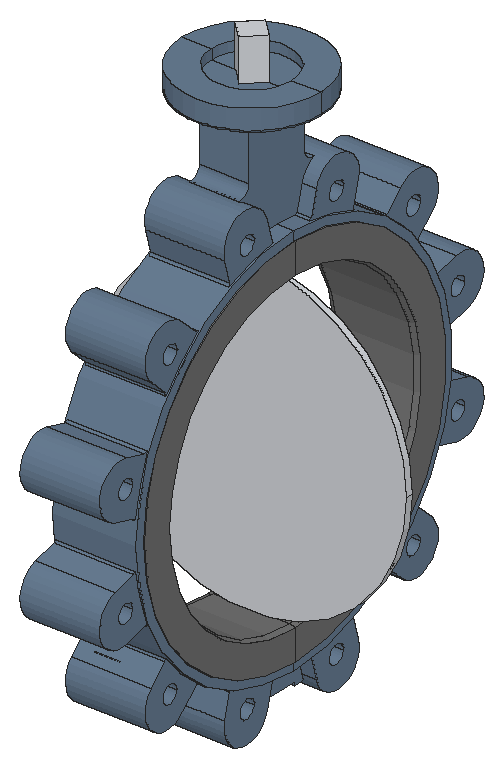
Revit family "Запорно-регулирующая заслонка AF-4219", category Rohrzubehör, Revit 2021
Family settings
  Bemaßung runder Anschluss = Durchmesser verwenden
  Teiletyp = Unterbricht
  OmniClass-Nummer = 23.65.55.14
  OmniClass-Titel = Valves for Liquid Services
  Arbeitsebenenbasiert = Nein
  Immer vertikal = Ja
  Beim Laden mit Abzugskörper schneiden = Nein
  Gemeinsam genutzt = Nein
Parameters
  Шпиндель = "Нержавеющая сталь ASTM-A276 / Type 316"  # constant formula
  Фланцевое соединение = "В соответствии с EN1092-2"  # constant formula
  Уплотнение корпуса = "EPDM в соответствии с ISO 1691"  # constant formula
  Среда = "Качество теплоносителя в соответствии с ÖNORM H5195 и/или предписаниями VDI 2035.\r\nРазрешается использование смеси этилен или пропиленгликоля в соотношении 25-50% с водой."
  Область применения = "Применяются в системах тепло- и холодоснабжения."
  Номер заказа [instance] = size_lookup("4219_AF_", "Artnr", 421911, Nennweite)  # 1421939
  Макс. рабочая температура = 110 °C  # constant formula
  Крутящий момент в Нм [instance] = size_lookup("4219_AF_", "Nm", 20, Nennweite)  # 350
  Корпус = "Чугун GGG, GJS-400-15/JS1030, в соответствии с EN1563"  # constant formula
  Диск = "Нержавеющая сталь 1.4408"  # constant formula
  Вес [instance] = size_lookup("4219_AF_", "Gewicht", 3.8, Nennweite)  # 37.6
  Болты [instance] = if(Nennweite = 50.000 mm, "4x M16x35", if(Nennweite = 65.000 mm, "4x M16x35", if(Nennweite = 80.000 mm, "8x M16x35", if(Nennweite = 100.000 mm, "8x M16x40", if(Nennweite = 125.000 mm, "8x M16x40", if(Nennweite = 150.000 mm, "8x M20x40", if(Nennweite = 200.000 mm, "12x M20x45", if(Nennweite = 250.000 mm, "12x M24x45", "12x M24x45"))))))))  # "12x M24x45"
  Vorgabe-Ansicht = 0.000 mm
  URL = "www.herz-armaturen.ru"
  SCTWSEQ = "FW;SBT_TYP_FW=\"101\";2"
  SCTWCODE = "04;07;02"  # constant formula
  SCRNSEQ = "ARM;ARM_TYP=\"ALLF\";2"
  SCRNCODE = "05;13;02"  # constant formula
  R99 = 1.500 mm  # constant formula
  R02 [instance] = size_lookup("4219_AF_", "R2", 1.000 mm, Nennweite)  # 37.500 mm
  PN [instance] = size_lookup("4219_AF_", "PN", 16, Nennweite)  # 10
  O-Ring = "EPDM в соответствии с ISO 1691"  # constant formula
  Мин. рабочая температура = "-20.00 °C при соответствующей водно-гликолевой смеси"  # constant formula
  L05 [instance] = size_lookup("4219_AF_", "L5", 1.000 mm, Nennweite)  # 22.000 mm
  L04 [instance] = L01 - 3.500 mm  # 35.500 mm
  L03 [instance] = L01 + 1.500 mm  # 40.500 mm
  L02 [instance] = size_lookup("4219_AF_", "L2", 14.500 mm, Nennweite)  # 30.500 mm
  L01 [instance] = size_lookup("4219_AF_", "L1", 21.500 mm, Nennweite)  # 39.000 mm
  R01 [instance] = size_lookup("4219_AF_", "R1", 44.000 mm, Nennweite)  # 65.000 mm
  Nennweite [instance] = 300.000 mm
  Hersteller = "HERZ Armaturen Ges.m.b.H."  # constant formula
  H05 [instance] = size_lookup("4219_AF_", "H5", 1.000 mm, Nennweite) + H03  # 39.000 mm
  H04 [instance] = H01 - H03  # 299.000 mm
  H03 [instance] = size_lookup("4219_AF_", "H3", 1.000 mm, Nennweite)  # 9.000 mm
  H02 [instance] = size_lookup("4219_AF_", "H2", 13.000 mm, Nennweite)  # 20.000 mm
  H01 [instance] = size_lookup("4219_AF_", "H1", 125.000 mm, Nennweite)  # 308.000 mm
  DN80 [instance] = Nennweite = 80.000 mm  # no
  DN65 [instance] = Nennweite = 65.000 mm  # no
  DN50 [instance] = Nennweite = 50.000 mm  # no
  DN300 [instance] = Nennweite = 300.000 mm  # yes
  DN250 [instance] = Nennweite = 250.000 mm  # no
  DN200 [instance] = Nennweite = 200.000 mm  # no
  DN150 [instance] = Nennweite = 150.000 mm  # no
  DN125 [instance] = Nennweite = 125.000 mm  # no
  DN100 [instance] = Nennweite = 100.000 mm  # no
  D06 [instance] = size_lookup("4219_AF_", "D6", 25.300 mm, Nennweite)  # 146.500 mm
  D05 [instance] = size_lookup("4219_AF_", "D5", 24.500 mm, Nennweite)  # 145.000 mm
  D04 [instance] = D05 + 2.000 mm  # 147.000 mm
  D03 [instance] = size_lookup("4219_AF_", "D3", 35.500 mm, Nennweite)  # 167.500 mm
  D02 [instance] = size_lookup("4219_AF_", "D2", 41.000 mm, Nennweite)  # 175.000 mm
  D01 [instance] = size_lookup("4219_AF_", "D1", 47.000 mm, Nennweite)  # 183.000 mm
Reference planes
  plane 1 "Mitte (Vorne/hinten)": y = 0
  plane 2: z = 0
  plane 3 "Mitte (Links/rechts)": x = 0
Forms (mm)
  Revolve 1, solid, material "Herz-Metall-blau", detail levels fine
    sketch origin (0, 0, 0) x (1, 0, 0) y (0, 0, 1)
      loop
        line (-30.5, 175) -> (-30.5, 167.5) -> (30.5, 167.5) -> (30.5, 175) -> (39, 175) -> (39, 183) -> (-39, 183) -> (-39, 175) -> (-30.5, 175)
      axis (-39, 0) -> (39, 0)
    angle from 0 to 360
  Revolve 2, solid, material "Herz-Metall-blau", detail levels fine
    sketch origin (0, 0, 0) x (1, 0, 0) y (0, 0, 1)
      loop
        line (-65, 308) -> (-65, 289.463)
        arc (-65, 289.463) -> (-64.673, 288.527) -> (-63.833, 288) r 1.5
        line (-63.833, 288) -> (0, 288) -> (0, 299) -> (-37.5, 299) -> (-37.5, 308) -> (-65, 308)
      axis (0, 308) -> (0, 288)
    angle from 0 to 360
  Extrusion 3, solid, material "Herz-Metall-blau", visible <- "DN50", detail levels fine
    sketch origin (0, 0, 0) x (0, 1, 0) y (0, 0, 1)
      loop
        line (56.215, -32.173) -> (43.95, -19.909)
        arc (43.95, -19.909) -> (43.387, -18.793) -> (43.596, -17.56) r 2
        arc (43.596, -17.56) -> (33.234, -33.234) -> (17.56, -43.596) r 47
        arc (17.56, -43.596) -> (18.793, -43.387) -> (19.909, -43.95) r 2
        line (19.909, -43.95) -> (32.173, -56.215)
        arc (32.173, -56.215) -> (56.215, -56.215) -> (56.215, -32.173) r 17
      loop
        arc (-56.215, -32.173) -> (-56.215, -56.215) -> (-32.173, -56.215) r 17
        line (-32.173, -56.215) -> (-19.909, -43.95)
        arc (-19.909, -43.95) -> (-18.793, -43.387) -> (-17.56, -43.596) r 2
        arc (-17.56, -43.596) -> (-33.234, -33.234) -> (-43.596, -17.56) r 47
        arc (-43.596, -17.56) -> (-43.387, -18.793) -> (-43.95, -19.909) r 2
        line (-43.95, -19.909) -> (-56.215, -32.173)
      loop
        arc (56.215, 32.173) -> (56.215, 56.215) -> (32.173, 56.215) r 17
        line (32.173, 56.215) -> (19.909, 43.95)
        arc (19.909, 43.95) -> (18.793, 43.387) -> (17.56, 43.596) r 2
        arc (17.56, 43.596) -> (33.234, 33.234) -> (43.596, 17.56) r 47
        arc (43.596, 17.56) -> (43.387, 18.793) -> (43.95, 19.909) r 2
        line (43.95, 19.909) -> (56.215, 32.173)
      loop
        line (-56.215, 32.173) -> (-43.95, 19.909)
        arc (-43.95, 19.909) -> (-43.387, 18.793) -> (-43.596, 17.56) r 2
        arc (-43.596, 17.56) -> (-33.234, 33.234) -> (-17.56, 43.596) r 47
        arc (-17.56, 43.596) -> (-18.793, 43.387) -> (-19.909, 43.95) r 2
        line (-19.909, 43.95) -> (-32.173, 56.215)
        arc (-32.173, 56.215) -> (-56.215, 56.215) -> (-56.215, 32.173) r 17
      loop
        circle (-44.194, 44.194) r 6.92
      loop
        circle (44.194, 44.194) r 6.92
      loop
        circle (44.194, -44.194) r 6.92
      loop
        circle (-44.194, -44.194) r 6.92
    from -19.5 to 19.5
  Extrusion 4, solid, material "Herz-Metall-blau", visible <- "DN50", detail levels fine
    sketch origin (0, 0, 0) x (0, 1, 0) y (0, 0, 1)
      loop
        line (20, 74.845) -> (20, 112) -> (-20, 112) -> (-20, 74.845)
        arc (-20, 74.845) -> (-26.046, 62.811) -> (-39.31, 60.477) r 15
        arc (-39.31, 60.477) -> (-35.477, 58.789) -> (-32.173, 56.215) r 17
        line (-32.173, 56.215) -> (-19.909, 43.95)
        arc (-19.909, 43.95) -> (-18.793, 43.387) -> (-17.56, 43.596) r 2
        arc (-17.56, 43.596) -> (0, 47) -> (17.56, 43.596) r 47
        arc (17.56, 43.596) -> (18.793, 43.387) -> (19.909, 43.95) r 2
        line (19.909, 43.95) -> (32.173, 56.215)
        arc (32.173, 56.215) -> (35.477, 58.789) -> (39.31, 60.477) r 17
        arc (39.31, 60.477) -> (26.046, 62.811) -> (20, 74.845) r 15
    from -15 to 15
  Extrusion 5, solid, material "Herz-Metall-blau", visible <- "DN50"
    sketch origin (0, 0, 0) x (0, 1, 0) y (0, 0, 1)
      loop
        arc (33.834, -58) -> (34.246, -58.062) -> (34.622, -58.243) r 1.4
        arc (34.622, -58.243) -> (33.35, -57.286) -> (32.173, -56.215) r 17
        line (32.173, -56.215) -> (19.909, -43.95)
        arc (19.909, -43.95) -> (18.793, -43.387) -> (17.56, -43.596) r 2
        arc (17.56, -43.596) -> (0, -47) -> (-17.56, -43.596) r 47
        arc (-17.56, -43.596) -> (-18.793, -43.387) -> (-19.909, -43.95) r 2
        line (-19.909, -43.95) -> (-32.173, -56.215)
        arc (-32.173, -56.215) -> (-33.35, -57.286) -> (-34.622, -58.243) r 17
        arc (-34.622, -58.243) -> (-34.246, -58.062) -> (-33.834, -58) r 1.4
        line (-33.834, -58) -> (-16.963, -58)
        arc (-16.963, -58) -> (-15.575, -58.575) -> (-15, -59.963) r 1.963
        line (-15, -59.963) -> (-15, -61) -> (15, -61) -> (15, -59.963)
        arc (15, -59.963) -> (15.575, -58.575) -> (16.963, -58) r 1.963
        line (16.963, -58) -> (33.834, -58)
    from -15 to 15
  Revolve 6, solid, material "Gummi", detail levels fine
    sketch origin (-134.5, 0, 0) x (1, 0, 0) y (0, 0, 1)
      loop
        line (94, 175) -> (94, 147) -> (99, 145) -> (170, 145) -> (175, 147) -> (175, 175) -> (165, 175) -> (165, 167.5) -> (104, 167.5) -> (104, 175) -> (94, 175)
      axis (94, 0) -> (175, 0)
    angle from 0 to 360
  Extrusion 7, solid, detail levels fine
    sketch origin (0, 0, 0) x (1, 0, 0) y (0, 0, 1)
      loop
        circle (0, 0) r 146.5
    from -2.5 to 2.5
  Extrusion 8, solid, material "Herz-Metall-blau", visible <- "DN65", detail levels fine
    sketch origin (0, -300, 0) x (0, 1, 0) y (0, 0, 1)
      loop
        circle (351.265, 51.265) r 6.92
      loop
        arc (363.286, 39.244) -> (363.286, 63.286) -> (339.244, 63.286) r 17
        line (339.244, 63.286) -> (328.595, 52.636)
        arc (328.595, 52.636) -> (327.499, 52.076) -> (326.282, 52.264) r 2
        arc (326.282, 52.264) -> (341.366, 41.366) -> (352.264, 26.282) r 58.501
        arc (352.264, 26.282) -> (352.087, 27.51) -> (352.656, 28.614) r 2.038
        line (352.656, 28.614) -> (363.286, 39.244)
      loop
        circle (351.265, -51.265) r 6.92
      loop
        line (363.286, -39.244) -> (352.656, -28.614)
        arc (352.656, -28.614) -> (352.087, -27.51) -> (352.264, -26.282) r 2.038
        arc (352.264, -26.282) -> (341.366, -41.366) -> (326.282, -52.264) r 58.501
        arc (326.282, -52.264) -> (327.499, -52.076) -> (328.595, -52.636) r 2
        line (328.595, -52.636) -> (339.244, -63.286)
        arc (339.244, -63.286) -> (363.286, -63.286) -> (363.286, -39.244) r 17
      loop
        circle (248.735, 51.265) r 6.92
      loop
        line (236.714, 39.244) -> (247.344, 28.614)
        arc (247.344, 28.614) -> (247.913, 27.51) -> (247.736, 26.282) r 2.038
        arc (247.736, 26.282) -> (258.634, 41.366) -> (273.718, 52.264) r 58.501
        arc (273.718, 52.264) -> (272.501, 52.076) -> (271.405, 52.636) r 2
        line (271.405, 52.636) -> (260.756, 63.286)
        arc (260.756, 63.286) -> (236.714, 63.286) -> (236.714, 39.244) r 17
      loop
        circle (248.735, -51.265) r 6.92
      loop
        arc (236.714, -39.244) -> (236.714, -63.286) -> (260.756, -63.286) r 17
        line (260.756, -63.286) -> (271.405, -52.636)
        arc (271.405, -52.636) -> (272.501, -52.076) -> (273.718, -52.264) r 2
        arc (273.718, -52.264) -> (258.634, -41.366) -> (247.736, -26.282) r 58.501
        arc (247.736, -26.282) -> (247.913, -27.51) -> (247.344, -28.614) r 2.038
        line (247.344, -28.614) -> (236.714, -39.244)
    from -21 to 21
  Extrusion 9, solid, material "Herz-Metall-blau", visible <- "DN65", detail levels fine
    sketch origin (0, -300, 0) x (0, 1, 0) y (0, 0, 1)
      loop
        line (278, 136.5) -> (278, 78.286)
        arc (278, 78.286) -> (272.889, 69.099) -> (263, 65.53) r 14.984
        line (263, 65.53) -> (257.982, 65.53)
        arc (257.982, 65.53) -> (259.428, 64.481) -> (260.756, 63.286) r 17
        line (260.756, 63.286) -> (271.405, 52.636)
        arc (271.405, 52.636) -> (272.501, 52.076) -> (273.718, 52.264) r 2
        arc (273.718, 52.264) -> (300, 58.5) -> (326.282, 52.264) r 58.5
        arc (326.282, 52.264) -> (327.499, 52.076) -> (328.595, 52.636) r 2
        line (328.595, 52.636) -> (339.244, 63.286)
        arc (339.244, 63.286) -> (340.572, 64.481) -> (342.018, 65.53) r 17
        line (342.018, 65.53) -> (337, 65.53)
        arc (337, 65.53) -> (327.111, 69.099) -> (322, 78.286) r 14.984
        line (322, 78.286) -> (322, 136.5) -> (278, 136.5)
      loop
        arc (260.756, -63.286) -> (259.428, -64.481) -> (257.982, -65.53) r 17
        line (257.982, -65.53) -> (280.029, -65.53)
        arc (280.029, -65.53) -> (281.423, -66.108) -> (282, -67.501) r 1.971
        line (282, -67.501) -> (282, -74) -> (318, -74) -> (318, -67.527)
        arc (318, -67.527) -> (318.585, -66.115) -> (319.997, -65.53) r 1.997
        line (319.997, -65.53) -> (342.018, -65.53)
        arc (342.018, -65.53) -> (340.572, -64.481) -> (339.244, -63.286) r 17
        line (339.244, -63.286) -> (328.595, -52.636)
        arc (328.595, -52.636) -> (327.499, -52.076) -> (326.282, -52.264) r 2
        arc (326.282, -52.264) -> (300, -58.5) -> (273.718, -52.264) r 58.5
        arc (273.718, -52.264) -> (272.501, -52.076) -> (271.405, -52.636) r 2
        line (271.405, -52.636) -> (260.756, -63.286)
    from -18 to 18
  Extrusion 10, solid, material "Herz-Metall-blau", visible <- "DN80", detail levels fine
    sketch origin (0, -300, 0) x (0, 1, 0) y (0, 0, 1)
      loop
        circle (269.385, 73.91) r 6.92
      loop
        arc (285.091, 80.416) -> (262.88, 89.616) -> (253.679, 67.405) r 17
        line (253.679, 67.405) -> (259.513, 53.322)
        arc (259.513, 53.322) -> (259.602, 52.073) -> (258.924, 51.02) r 1.982
        arc (258.924, 51.02) -> (274.934, 60.514) -> (292.968, 65.121) r 65.5
        arc (292.968, 65.121) -> (291.745, 65.388) -> (290.924, 66.335) r 1.984
        line (290.924, 66.335) -> (285.091, 80.416)
      loop
        circle (226.09, 30.615) r 6.92
      loop
        line (219.584, 14.909) -> (233.665, 9.076)
        arc (233.665, 9.076) -> (234.612, 8.255) -> (234.879, 7.032) r 1.984
        arc (234.879, 7.032) -> (239.486, 25.066) -> (248.98, 41.076) r 65.5
        arc (248.98, 41.076) -> (247.927, 40.398) -> (246.678, 40.487) r 1.982
        line (246.678, 40.487) -> (232.595, 46.321)
        arc (232.595, 46.321) -> (210.384, 37.12) -> (219.584, 14.909) r 17
      loop
        circle (269.385, -73.91) r 6.92
      loop
        line (285.091, -80.416) -> (290.924, -66.335)
        arc (290.924, -66.335) -> (291.745, -65.388) -> (292.968, -65.121) r 1.984
        arc (292.968, -65.121) -> (274.934, -60.514) -> (258.924, -51.02) r 65.5
        arc (258.924, -51.02) -> (259.602, -52.073) -> (259.513, -53.322) r 1.982
        line (259.513, -53.322) -> (253.679, -67.405)
        arc (253.679, -67.405) -> (262.88, -89.616) -> (285.091, -80.416) r 17
      loop
        circle (226.09, -30.615) r 6.92
      loop
        arc (219.584, -14.909) -> (210.384, -37.12) -> (232.595, -46.321) r 17
        line (232.595, -46.321) -> (246.678, -40.487)
        arc (246.678, -40.487) -> (247.927, -40.398) -> (248.98, -41.076) r 1.982
        arc (248.98, -41.076) -> (239.486, -25.066) -> (234.879, -7.032) r 65.5
        arc (234.879, -7.032) -> (234.612, -8.255) -> (233.665, -9.076) r 1.984
        line (233.665, -9.076) -> (219.584, -14.909)
      loop
        circle (330.615, 73.91) r 6.92
      loop
        line (314.909, 80.416) -> (309.076, 66.335)
        arc (309.076, 66.335) -> (308.255, 65.388) -> (307.032, 65.121) r 1.984
        arc (307.032, 65.121) -> (325.066, 60.514) -> (341.076, 51.02) r 65.5
        arc (341.076, 51.02) -> (340.398, 52.073) -> (340.487, 53.322) r 1.982
        line (340.487, 53.322) -> (346.321, 67.405)
        arc (346.321, 67.405) -> (337.12, 89.616) -> (314.909, 80.416) r 17
      loop
        circle (373.91, 30.615) r 6.92
      loop
        arc (380.416, 14.909) -> (389.616, 37.12) -> (367.405, 46.321) r 17
        line (367.405, 46.321) -> (353.322, 40.487)
        arc (353.322, 40.487) -> (352.073, 40.398) -> (351.02, 41.076) r 1.982
        arc (351.02, 41.076) -> (360.514, 25.066) -> (365.121, 7.032) r 65.5
        arc (365.121, 7.032) -> (365.388, 8.255) -> (366.335, 9.076) r 1.984
        line (366.335, 9.076) -> (380.416, 14.909)
      loop
        circle (330.615, -73.91) r 6.92
      loop
        arc (314.909, -80.416) -> (337.12, -89.616) -> (346.321, -67.405) r 17
        line (346.321, -67.405) -> (340.487, -53.322)
        arc (340.487, -53.322) -> (340.398, -52.073) -> (341.076, -51.02) r 1.982
        arc (341.076, -51.02) -> (325.066, -60.514) -> (307.032, -65.121) r 65.5
        arc (307.032, -65.121) -> (308.255, -65.388) -> (309.076, -66.335) r 1.984
        line (309.076, -66.335) -> (314.909, -80.416)
      loop
        circle (373.91, -30.615) r 6.92
      loop
        line (380.416, -14.909) -> (366.335, -9.076)
        arc (366.335, -9.076) -> (365.388, -8.255) -> (365.121, -7.032) r 1.984
        arc (365.121, -7.032) -> (360.514, -25.066) -> (351.02, -41.076) r 65.5
        arc (351.02, -41.076) -> (352.073, -40.398) -> (353.322, -40.487) r 1.982
        line (353.322, -40.487) -> (367.405, -46.321)
        arc (367.405, -46.321) -> (389.616, -37.12) -> (380.416, -14.909) r 17
    from -21 to 21
  Extrusion 11, solid, material "Herz-Metall-blau", visible <- "DN80", detail levels fine
    sketch origin (0, -300, 0) x (0, 1, 0) y (0, 0, 1)
      loop
        line (278, 143.5) -> (278, 100.814)
        arc (278, 100.814) -> (275.545, 94.251) -> (269.385, 90.91) r 10
        arc (269.385, 90.91) -> (278.83, 88.045) -> (285.091, 80.416) r 17
        line (285.091, 80.416) -> (290.924, 66.335)
        arc (290.924, 66.335) -> (291.744, 65.388) -> (292.968, 65.121) r 1.984
        arc (292.968, 65.121) -> (300, 65.497) -> (307.032, 65.121) r 66.05
        arc (307.032, 65.121) -> (308.256, 65.388) -> (309.076, 66.335) r 1.984
        line (309.076, 66.335) -> (314.909, 80.416)
        arc (314.909, 80.416) -> (321.17, 88.045) -> (330.615, 90.91) r 17
        arc (330.615, 90.91) -> (324.455, 94.251) -> (322, 100.814) r 10
        line (322, 100.814) -> (322, 143.5) -> (278, 143.5)
      loop
        line (285.091, -80.416) -> (286.5, -80.946) -> (313.5, -80.946) -> (314.89, -80.371) -> (309.076, -66.335)
        arc (309.076, -66.335) -> (308.256, -65.388) -> (307.032, -65.121) r 1.984
        arc (307.032, -65.121) -> (300, -65.497) -> (292.968, -65.121) r 66.05
        arc (292.968, -65.121) -> (291.744, -65.388) -> (290.924, -66.335) r 1.984
        line (290.924, -66.335) -> (285.091, -80.416)
    from -18.5 to 18.5
  Extrusion 12, solid, material "Herz-Metall-blau", visible <- "DN100", detail levels fine
    sketch origin (0, -300, 0) x (0, 1, 0) y (0, 0, 1)
      loop
        circle (265.558, 83.149) r 6.92
      loop
        arc (281.264, 89.655) -> (259.053, 98.855) -> (249.853, 76.644) r 17
        line (249.853, 76.644) -> (255.731, 62.451)
        arc (255.731, 62.451) -> (255.813, 61.14) -> (255.074, 60.055) r 2.025
        arc (255.074, 60.055) -> (271.3, 69.291) -> (289.305, 74.233) r 75
        arc (289.305, 74.233) -> (288.012, 74.478) -> (287.142, 75.464) r 2.027
        line (287.142, 75.464) -> (281.264, 89.655)
      loop
        circle (216.851, 34.442) r 6.92
      loop
        line (210.345, 18.736) -> (224.536, 12.858)
        arc (224.536, 12.858) -> (225.522, 11.988) -> (225.767, 10.695) r 2.027
        arc (225.767, 10.695) -> (230.709, 28.7) -> (239.945, 44.926) r 75
        arc (239.945, 44.926) -> (238.86, 44.187) -> (237.549, 44.269) r 2.025
        line (237.549, 44.269) -> (223.356, 50.147)
        arc (223.356, 50.147) -> (201.145, 40.947) -> (210.345, 18.736) r 17
      loop
        circle (265.558, -83.149) r 6.92
      loop
        line (281.264, -89.655) -> (287.142, -75.464)
        arc (287.142, -75.464) -> (288.012, -74.478) -> (289.305, -74.233) r 2.027
        arc (289.305, -74.233) -> (271.3, -69.291) -> (255.074, -60.055) r 75
        arc (255.074, -60.055) -> (255.813, -61.14) -> (255.731, -62.451) r 2.025
        line (255.731, -62.451) -> (249.853, -76.644)
        arc (249.853, -76.644) -> (259.053, -98.855) -> (281.264, -89.655) r 17
      loop
        circle (216.851, -34.442) r 6.92
      loop
        arc (210.345, -18.736) -> (201.145, -40.947) -> (223.356, -50.147) r 17
        line (223.356, -50.147) -> (237.549, -44.269)
        arc (237.549, -44.269) -> (238.86, -44.187) -> (239.945, -44.926) r 2.025
        arc (239.945, -44.926) -> (230.709, -28.7) -> (225.767, -10.695) r 75
        arc (225.767, -10.695) -> (225.522, -11.988) -> (224.536, -12.858) r 2.027
        line (224.536, -12.858) -> (210.345, -18.736)
      loop
        circle (334.442, 83.149) r 6.92
      loop
        line (318.736, 89.655) -> (312.858, 75.464)
        arc (312.858, 75.464) -> (311.988, 74.478) -> (310.695, 74.233) r 2.027
        arc (310.695, 74.233) -> (328.7, 69.291) -> (344.926, 60.055) r 75
        arc (344.926, 60.055) -> (344.187, 61.14) -> (344.269, 62.451) r 2.025
        line (344.269, 62.451) -> (350.147, 76.644)
        arc (350.147, 76.644) -> (340.947, 98.855) -> (318.736, 89.655) r 17
      loop
        circle (383.149, 34.442) r 6.92
      loop
        arc (389.655, 18.736) -> (398.855, 40.947) -> (376.644, 50.147) r 17
        line (376.644, 50.147) -> (362.451, 44.269)
        arc (362.451, 44.269) -> (361.14, 44.187) -> (360.055, 44.926) r 2.025
        arc (360.055, 44.926) -> (369.291, 28.7) -> (374.233, 10.695) r 75
        arc (374.233, 10.695) -> (374.478, 11.988) -> (375.464, 12.858) r 2.027
        line (375.464, 12.858) -> (389.655, 18.736)
      loop
        circle (334.442, -83.149) r 6.92
      loop
        arc (318.736, -89.655) -> (340.947, -98.855) -> (350.147, -76.644) r 17
        line (350.147, -76.644) -> (344.269, -62.451)
        arc (344.269, -62.451) -> (344.187, -61.14) -> (344.926, -60.055) r 2.025
        arc (344.926, -60.055) -> (328.7, -69.291) -> (310.695, -74.233) r 75
        arc (310.695, -74.233) -> (311.988, -74.478) -> (312.858, -75.464) r 2.027
        line (312.858, -75.464) -> (318.736, -89.655)
      loop
        circle (383.149, -34.442) r 6.92
      loop
        line (389.655, -18.736) -> (375.464, -12.858)
        arc (375.464, -12.858) -> (374.478, -11.988) -> (374.233, -10.695) r 2.027
        arc (374.233, -10.695) -> (369.291, -28.7) -> (360.055, -44.926) r 75
        arc (360.055, -44.926) -> (361.14, -44.187) -> (362.451, -44.269) r 2.025
        line (362.451, -44.269) -> (376.644, -50.147)
        arc (376.644, -50.147) -> (398.855, -40.947) -> (389.655, -18.736) r 17
    from -24 to 24
  Extrusion 13, solid, material "Herz-Metall-blau", visible <- "DN100", detail levels fine
    sketch origin (0, -300, 0) x (0, 1, 0) y (0, 0, 1)
      loop
        line (274, 167) -> (274, 114.47)
        arc (274, 114.47) -> (270.644, 105.014) -> (262.078, 99.789) r 15
        arc (262.078, 99.789) -> (273.498, 98.181) -> (281.264, 89.655) r 17
        line (281.264, 89.655) -> (287.142, 75.464)
        arc (287.142, 75.464) -> (288.012, 74.478) -> (289.305, 74.233) r 2.027
        arc (289.305, 74.233) -> (300, 75) -> (310.695, 74.233) r 75
        arc (310.695, 74.233) -> (311.988, 74.478) -> (312.858, 75.464) r 2.027
        line (312.858, 75.464) -> (318.736, 89.655)
        arc (318.736, 89.655) -> (326.502, 98.181) -> (337.922, 99.789) r 17
        arc (337.922, 99.789) -> (329.356, 105.014) -> (326, 114.47) r 15
        line (326, 114.47) -> (326, 167) -> (274, 167)
      loop
        line (286.5, -93) -> (313.5, -93) -> (313.5, -96) -> (323.312, -96)
        arc (323.312, -96) -> (320.654, -93.094) -> (318.736, -89.655) r 17
        line (318.736, -89.655) -> (312.858, -75.464)
        arc (312.858, -75.464) -> (311.988, -74.478) -> (310.695, -74.233) r 2.027
        arc (310.695, -74.233) -> (300, -75) -> (289.305, -74.233) r 75
        arc (289.305, -74.233) -> (288.012, -74.478) -> (287.142, -75.464) r 2.027
        line (287.142, -75.464) -> (281.264, -89.655)
        arc (281.264, -89.655) -> (279.346, -93.094) -> (276.688, -96) r 17
        line (276.688, -96) -> (286.5, -96) -> (286.5, -93)
    from -18 to 18
  Extrusion 14, solid, material "Herz-Metall-blau", visible <- "DN125", detail levels fine
    sketch origin (0, -300, 0) x (0, 1, 0) y (0, 0, 1)
      loop
        circle (259.818, 97.007) r 6.92
      loop
        arc (275.524, 103.513) -> (253.313, 112.713) -> (244.112, 90.502) r 17
        line (244.112, 90.502) -> (249.217, 78.179)
        arc (249.217, 78.179) -> (249.286, 76.825) -> (248.485, 75.731) r 2.023
        arc (248.485, 75.731) -> (264.902, 84.594) -> (282.772, 89.957) r 91.852
        arc (282.772, 89.957) -> (281.505, 90.18) -> (280.649, 91.141) r 1.958
        line (280.649, 91.141) -> (275.524, 103.513)
      loop
        circle (202.993, 40.182) r 6.92
      loop
        line (196.487, 24.476) -> (208.859, 19.351)
        arc (208.859, 19.351) -> (209.82, 18.495) -> (210.043, 17.228) r 1.958
        arc (210.043, 17.228) -> (215.406, 35.098) -> (224.269, 51.515) r 91.852
        arc (224.269, 51.515) -> (223.175, 50.714) -> (221.821, 50.783) r 2.023
        line (221.821, 50.783) -> (209.498, 55.888)
        arc (209.498, 55.888) -> (187.287, 46.687) -> (196.487, 24.476) r 17
      loop
        circle (259.818, -97.007) r 6.92
      loop
        line (275.524, -103.513) -> (280.649, -91.141)
        arc (280.649, -91.141) -> (281.505, -90.18) -> (282.772, -89.957) r 1.958
        arc (282.772, -89.957) -> (264.902, -84.594) -> (248.485, -75.731) r 91.852
        arc (248.485, -75.731) -> (249.286, -76.825) -> (249.217, -78.179) r 2.023
        line (249.217, -78.179) -> (244.112, -90.502)
        arc (244.112, -90.502) -> (253.313, -112.713) -> (275.524, -103.513) r 17
      loop
        circle (202.993, -40.182) r 6.92
      loop
        arc (196.487, -24.476) -> (187.287, -46.687) -> (209.498, -55.888) r 17
        line (209.498, -55.888) -> (221.821, -50.783)
        arc (221.821, -50.783) -> (223.175, -50.714) -> (224.269, -51.515) r 2.023
        arc (224.269, -51.515) -> (215.406, -35.098) -> (210.043, -17.228) r 91.852
        arc (210.043, -17.228) -> (209.82, -18.495) -> (208.859, -19.351) r 1.958
        line (208.859, -19.351) -> (196.487, -24.476)
      loop
        circle (340.182, 97.007) r 6.92
      loop
        line (324.476, 103.513) -> (319.351, 91.141)
        arc (319.351, 91.141) -> (318.495, 90.18) -> (317.228, 89.957) r 1.958
        arc (317.228, 89.957) -> (335.098, 84.594) -> (351.515, 75.731) r 91.852
        arc (351.515, 75.731) -> (350.714, 76.825) -> (350.783, 78.179) r 2.023
        line (350.783, 78.179) -> (355.888, 90.502)
        arc (355.888, 90.502) -> (346.687, 112.713) -> (324.476, 103.513) r 17
      loop
        circle (397.007, 40.182) r 6.92
      loop
        arc (403.513, 24.476) -> (412.713, 46.687) -> (390.502, 55.888) r 17
        line (390.502, 55.888) -> (378.179, 50.783)
        arc (378.179, 50.783) -> (376.825, 50.714) -> (375.731, 51.515) r 2.023
        arc (375.731, 51.515) -> (384.594, 35.098) -> (389.957, 17.228) r 91.852
        arc (389.957, 17.228) -> (390.18, 18.495) -> (391.141, 19.351) r 1.958
        line (391.141, 19.351) -> (403.513, 24.476)
      loop
        circle (340.182, -97.007) r 6.92
      loop
        arc (324.476, -103.513) -> (346.687, -112.713) -> (355.888, -90.502) r 17
        line (355.888, -90.502) -> (350.783, -78.179)
        arc (350.783, -78.179) -> (350.714, -76.825) -> (351.515, -75.731) r 2.023
        arc (351.515, -75.731) -> (335.098, -84.594) -> (317.228, -89.957) r 91.852
        arc (317.228, -89.957) -> (318.495, -90.18) -> (319.351, -91.141) r 1.958
        line (319.351, -91.141) -> (324.476, -103.513)
      loop
        circle (397.007, -40.182) r 6.92
      loop
        line (403.513, -24.476) -> (391.141, -19.351)
        arc (391.141, -19.351) -> (390.18, -18.495) -> (389.957, -17.228) r 1.958
        arc (389.957, -17.228) -> (384.594, -35.098) -> (375.731, -51.515) r 91.852
        arc (375.731, -51.515) -> (376.825, -50.714) -> (378.179, -50.783) r 2.023
        line (378.179, -50.783) -> (390.502, -55.888)
        arc (390.502, -55.888) -> (412.713, -46.687) -> (403.513, -24.476) r 17
    from -26 to 26
  Extrusion 15, solid, material "Herz-Metall-blau", visible <- "DN125", detail levels fine
    sketch origin (0, -300, 0) x (0, 1, 0) y (0, 0, 1)
      loop
        line (273.999, 186) -> (273.95, 123.689)
        arc (273.95, 123.689) -> (270.458, 116.096) -> (262.42, 113.807) r 10
        arc (262.42, 113.807) -> (270.32, 110.376) -> (275.524, 103.513) r 17
        line (275.524, 103.513) -> (280.649, 91.141)
        arc (280.649, 91.141) -> (281.528, 90.167) -> (282.825, 89.967) r 1.958
        arc (282.825, 89.967) -> (299.999, 91.589) -> (317.173, 89.967) r 91.7
        arc (317.173, 89.967) -> (318.469, 90.167) -> (319.348, 91.141) r 1.958
        line (319.348, 91.141) -> (324.473, 103.513)
        arc (324.473, 103.513) -> (329.677, 110.376) -> (337.577, 113.807) r 17
        arc (337.577, 113.807) -> (329.539, 116.096) -> (325.999, 123.689) r 10
        line (325.999, 123.689) -> (325.999, 186) -> (273.999, 186)
      loop
        line (286.499, -110.51) -> (313.499, -110.51) -> (313.499, -113.51) -> (336.099, -113.51)
        arc (336.099, -113.51) -> (329.095, -109.897) -> (324.473, -103.513) r 17
        line (324.473, -103.513) -> (319.348, -91.141)
        arc (319.348, -91.141) -> (318.469, -90.167) -> (317.173, -89.967) r 1.958
        arc (317.173, -89.967) -> (299.999, -91.589) -> (282.825, -89.967) r 91.7
        arc (282.825, -89.967) -> (281.528, -90.167) -> (280.649, -91.141) r 1.958
        line (280.649, -91.141) -> (275.524, -103.513)
        arc (275.524, -103.513) -> (270.902, -109.897) -> (263.898, -113.51) r 17
        line (263.898, -113.51) -> (286.499, -113.51) -> (286.499, -110.51)
    from -18 to 18
  Extrusion 16, solid, material "Herz-Metall-blau", visible <- "DN150", detail levels fine
    sketch origin (0, -300, 0) x (0, 1, 0) y (0, 0, 1)
      loop
        circle (254.078, 110.866) r 8.645
      loop
        arc (273.479, 118.902) -> (246.042, 130.267) -> (234.677, 102.829) r 21
        line (234.677, 102.829) -> (241.591, 86.136)
        arc (241.591, 86.136) -> (241.664, 84.82) -> (240.899, 83.746) r 1.993
        arc (240.899, 83.746) -> (260.776, 94.698) -> (282.575, 101.008) r 102.504
        arc (282.575, 101.008) -> (281.263, 101.248) -> (280.379, 102.246) r 2.042
        line (280.379, 102.246) -> (273.479, 118.902)
      loop
        circle (189.134, 45.922) r 8.645
      loop
        line (181.098, 26.521) -> (197.754, 19.621)
        arc (197.754, 19.621) -> (198.752, 18.737) -> (198.992, 17.425) r 2.042
        arc (198.992, 17.425) -> (205.302, 39.224) -> (216.254, 59.101) r 102.504
        arc (216.254, 59.101) -> (215.18, 58.336) -> (213.864, 58.409) r 1.993
        line (213.864, 58.409) -> (197.171, 65.323)
        arc (197.171, 65.323) -> (169.733, 53.958) -> (181.098, 26.521) r 21
      loop
        circle (254.078, -110.866) r 8.645
      loop
        line (273.479, -118.902) -> (280.379, -102.246)
        arc (280.379, -102.246) -> (281.263, -101.248) -> (282.575, -101.008) r 2.042
        arc (282.575, -101.008) -> (260.776, -94.698) -> (240.899, -83.746) r 102.504
        arc (240.899, -83.746) -> (241.664, -84.82) -> (241.591, -86.136) r 1.993
        line (241.591, -86.136) -> (234.677, -102.829)
        arc (234.677, -102.829) -> (246.042, -130.267) -> (273.479, -118.902) r 21
      loop
        circle (189.134, -45.922) r 8.645
      loop
        arc (181.098, -26.521) -> (169.733, -53.958) -> (197.171, -65.323) r 21
        line (197.171, -65.323) -> (213.864, -58.409)
        arc (213.864, -58.409) -> (215.18, -58.336) -> (216.254, -59.101) r 1.993
        arc (216.254, -59.101) -> (205.302, -39.224) -> (198.992, -17.425) r 102.504
        arc (198.992, -17.425) -> (198.752, -18.737) -> (197.754, -19.621) r 2.042
        line (197.754, -19.621) -> (181.098, -26.521)
      loop
        circle (345.922, 110.866) r 8.645
      loop
        line (326.521, 118.902) -> (319.621, 102.246)
        arc (319.621, 102.246) -> (318.737, 101.248) -> (317.425, 101.008) r 2.042
        arc (317.425, 101.008) -> (339.224, 94.698) -> (359.101, 83.746) r 102.504
        arc (359.101, 83.746) -> (358.336, 84.82) -> (358.409, 86.136) r 1.993
        line (358.409, 86.136) -> (365.323, 102.829)
        arc (365.323, 102.829) -> (353.958, 130.267) -> (326.521, 118.902) r 21
      loop
        circle (410.866, 45.922) r 8.645
      loop
        arc (418.902, 26.521) -> (430.267, 53.958) -> (402.829, 65.323) r 21
        line (402.829, 65.323) -> (386.136, 58.409)
        arc (386.136, 58.409) -> (384.82, 58.336) -> (383.746, 59.101) r 1.993
        arc (383.746, 59.101) -> (394.698, 39.224) -> (401.008, 17.425) r 102.504
        arc (401.008, 17.425) -> (401.248, 18.737) -> (402.246, 19.621) r 2.042
        line (402.246, 19.621) -> (418.902, 26.521)
      loop
        circle (345.922, -110.866) r 8.645
      loop
        arc (326.521, -118.902) -> (353.958, -130.267) -> (365.323, -102.829) r 21
        line (365.323, -102.829) -> (358.409, -86.136)
        arc (358.409, -86.136) -> (358.336, -84.82) -> (359.101, -83.746) r 1.993
        arc (359.101, -83.746) -> (339.224, -94.698) -> (317.425, -101.008) r 102.504
        arc (317.425, -101.008) -> (318.737, -101.248) -> (319.621, -102.246) r 2.042
        line (319.621, -102.246) -> (326.521, -118.902)
      loop
        circle (410.866, -45.922) r 8.645
      loop
        line (418.902, -26.521) -> (402.246, -19.621)
        arc (402.246, -19.621) -> (401.248, -18.737) -> (401.008, -17.425) r 2.042
        arc (401.008, -17.425) -> (394.698, -39.224) -> (383.746, -59.101) r 102.504
        arc (383.746, -59.101) -> (384.82, -58.336) -> (386.136, -58.409) r 1.993
        line (386.136, -58.409) -> (402.829, -65.323)
        arc (402.829, -65.323) -> (430.267, -53.958) -> (418.902, -26.521) r 21
    from -26 to 26
  Extrusion 17, solid, material "Herz-Metall-blau", visible <- "DN150", detail levels fine
    sketch origin (0, -300, 0) x (0, 1, 0) y (0, 0, 1)
      loop
        line (274, 199) -> (274, 135)
        arc (274, 135) -> (272.527, 129.776) -> (268.541, 126.091) r 10
        arc (268.541, 126.091) -> (271.388, 122.755) -> (273.479, 118.902) r 21
        line (273.479, 118.902) -> (280.379, 102.246)
        arc (280.379, 102.246) -> (281.28, 101.239) -> (282.612, 101.014) r 2.042
        arc (282.612, 101.014) -> (300, 102.5) -> (317.388, 101.014) r 102.5
        arc (317.388, 101.014) -> (318.72, 101.239) -> (319.621, 102.246) r 2.042
        line (319.621, 102.246) -> (326.521, 118.902)
        arc (326.521, 118.902) -> (328.612, 122.755) -> (331.459, 126.091) r 21
        arc (331.459, 126.091) -> (327.473, 129.776) -> (326, 135) r 10
        line (326, 135) -> (326, 199) -> (274, 199)
      loop
        line (286.5, -122.5) -> (313.5, -122.5) -> (313.5, -125.5) -> (330.861, -125.5)
        arc (330.861, -125.5) -> (328.378, -122.407) -> (326.521, -118.902) r 21
        line (326.521, -118.902) -> (319.621, -102.246)
        arc (319.621, -102.246) -> (318.72, -101.239) -> (317.388, -101.014) r 2.042
        arc (317.388, -101.014) -> (300, -102.5) -> (282.612, -101.014) r 102.5
        arc (282.612, -101.014) -> (281.28, -101.239) -> (280.379, -102.246) r 2.042
        line (280.379, -102.246) -> (273.479, -118.902)
        arc (273.479, -118.902) -> (271.622, -122.407) -> (269.139, -125.5) r 21
        line (269.139, -125.5) -> (286.5, -125.5) -> (286.5, -122.5)
    from -18 to 18
  Extrusion 18, solid, material "Herz-Metall-blau", visible <- "DN200", detail levels fine
    sketch origin (0, -400, 0) x (0, 1, 0) y (0, 0, 1)
      loop
        circle (361.824, 142.474) r 8.645
      loop
        arc (382.109, 147.909) -> (356.389, 162.759) -> (341.54, 137.039) r 21
        line (341.54, 137.039) -> (345.801, 121.136)
        arc (345.801, 121.136) -> (345.679, 119.74) -> (344.688, 118.75) r 2.048
        arc (344.688, 118.75) -> (366.062, 126.527) -> (388.459, 130.491) r 131
        arc (388.459, 130.491) -> (387.159, 130.838) -> (386.388, 131.939) r 1.965
        line (386.388, 131.939) -> (382.109, 147.909)
      loop
        circle (257.526, 38.176) r 8.645
      loop
        line (252.091, 17.891) -> (268.061, 13.612)
        arc (268.061, 13.612) -> (269.162, 12.841) -> (269.509, 11.541) r 1.965
        arc (269.509, 11.541) -> (273.473, 33.938) -> (281.25, 55.312) r 131
        arc (281.25, 55.312) -> (280.26, 54.321) -> (278.864, 54.199) r 2.048
        line (278.864, 54.199) -> (262.961, 58.46)
        arc (262.961, 58.46) -> (237.241, 43.611) -> (252.091, 17.891) r 21
      loop
        circle (295.702, 104.298) r 8.645
      loop
        line (280.853, 89.449) -> (292.543, 77.758)
        arc (292.543, 77.758) -> (293.111, 76.539) -> (292.762, 75.24) r 1.965
        arc (292.762, 75.24) -> (307.393, 92.655) -> (324.816, 107.277) r 131
        arc (324.816, 107.277) -> (323.463, 106.914) -> (322.193, 107.506) r 2.048
        line (322.193, 107.506) -> (310.551, 119.147)
        arc (310.551, 119.147) -> (280.853, 119.147) -> (280.853, 89.449) r 21
      loop
        circle (361.824, -142.474) r 8.645
      loop
        line (382.109, -147.909) -> (386.388, -131.939)
        arc (386.388, -131.939) -> (387.159, -130.838) -> (388.459, -130.491) r 1.965
        arc (388.459, -130.491) -> (366.062, -126.527) -> (344.688, -118.75) r 131
        arc (344.688, -118.75) -> (345.679, -119.74) -> (345.801, -121.136) r 2.048
        line (345.801, -121.136) -> (341.54, -137.039)
        arc (341.54, -137.039) -> (356.389, -162.759) -> (382.109, -147.909) r 21
      loop
        circle (257.526, -38.176) r 8.645
      loop
        arc (252.091, -17.891) -> (237.241, -43.611) -> (262.961, -58.46) r 21
        line (262.961, -58.46) -> (278.864, -54.199)
        arc (278.864, -54.199) -> (280.26, -54.321) -> (281.25, -55.312) r 2.048
        arc (281.25, -55.312) -> (273.473, -33.938) -> (269.509, -11.541) r 131
        arc (269.509, -11.541) -> (269.162, -12.841) -> (268.061, -13.612) r 1.965
        line (268.061, -13.612) -> (252.091, -17.891)
      loop
        circle (295.702, -104.298) r 8.645
      loop
        arc (280.853, -89.449) -> (280.853, -119.147) -> (310.551, -119.147) r 21
        line (310.551, -119.147) -> (322.193, -107.506)
        arc (322.193, -107.506) -> (323.463, -106.914) -> (324.816, -107.277) r 2.048
        arc (324.816, -107.277) -> (307.393, -92.655) -> (292.762, -75.24) r 131
        arc (292.762, -75.24) -> (293.111, -76.539) -> (292.543, -77.758) r 1.965
        line (292.543, -77.758) -> (280.853, -89.449)
      loop
        circle (438.176, 142.474) r 8.645
      loop
        line (417.891, 147.909) -> (413.612, 131.939)
        arc (413.612, 131.939) -> (412.841, 130.838) -> (411.541, 130.491) r 1.965
        arc (411.541, 130.491) -> (433.938, 126.527) -> (455.312, 118.75) r 131
        arc (455.312, 118.75) -> (454.321, 119.74) -> (454.199, 121.136) r 2.048
        line (454.199, 121.136) -> (458.46, 137.039)
        arc (458.46, 137.039) -> (443.611, 162.759) -> (417.891, 147.909) r 21
      loop
        circle (542.474, 38.176) r 8.645
      loop
        arc (547.909, 17.891) -> (562.759, 43.611) -> (537.039, 58.46) r 21
        line (537.039, 58.46) -> (521.136, 54.199)
        arc (521.136, 54.199) -> (519.74, 54.321) -> (518.75, 55.312) r 2.048
        arc (518.75, 55.312) -> (526.527, 33.938) -> (530.491, 11.541) r 131
        arc (530.491, 11.541) -> (530.838, 12.841) -> (531.939, 13.612) r 1.965
        line (531.939, 13.612) -> (547.909, 17.891)
      loop
        circle (504.298, 104.298) r 8.645
      loop
        arc (519.147, 89.449) -> (519.147, 119.147) -> (489.449, 119.147) r 21
        line (489.449, 119.147) -> (477.807, 107.506)
        arc (477.807, 107.506) -> (476.537, 106.914) -> (475.184, 107.277) r 2.048
        arc (475.184, 107.277) -> (492.607, 92.655) -> (507.238, 75.24) r 131
        arc (507.238, 75.24) -> (506.889, 76.539) -> (507.457, 77.758) r 1.965
        line (507.457, 77.758) -> (519.147, 89.449)
      loop
        circle (438.176, -142.474) r 8.645
      loop
        arc (417.891, -147.909) -> (443.611, -162.759) -> (458.46, -137.039) r 21
        line (458.46, -137.039) -> (454.199, -121.136)
        arc (454.199, -121.136) -> (454.321, -119.74) -> (455.312, -118.75) r 2.048
        arc (455.312, -118.75) -> (433.938, -126.527) -> (411.541, -130.491) r 131
        arc (411.541, -130.491) -> (412.841, -130.838) -> (413.612, -131.939) r 1.965
        line (413.612, -131.939) -> (417.891, -147.909)
      loop
        circle (542.474, -38.176) r 8.645
      loop
        line (547.909, -17.891) -> (531.939, -13.612)
        arc (531.939, -13.612) -> (530.838, -12.841) -> (530.491, -11.541) r 1.965
        arc (530.491, -11.541) -> (526.527, -33.938) -> (518.75, -55.312) r 131
        arc (518.75, -55.312) -> (519.74, -54.321) -> (521.136, -54.199) r 2.048
        line (521.136, -54.199) -> (537.039, -58.46)
        arc (537.039, -58.46) -> (562.759, -43.611) -> (547.909, -17.891) r 21
      loop
        circle (504.298, -104.298) r 8.645
      loop
        line (519.147, -89.449) -> (507.457, -77.758)
        arc (507.457, -77.758) -> (506.889, -76.539) -> (507.238, -75.24) r 1.965
        arc (507.238, -75.24) -> (492.607, -92.655) -> (475.184, -107.277) r 131
        arc (475.184, -107.277) -> (476.537, -106.914) -> (477.807, -107.506) r 2.048
        line (477.807, -107.506) -> (489.449, -119.147)
        arc (489.449, -119.147) -> (519.147, -119.147) -> (519.147, -89.449) r 21
    from -28 to 28
  Extrusion 19, solid, material "Herz-Metall-blau", visible <- "DN200", detail levels fine
    sketch origin (0, -400, 0) x (0, 1, 0) y (0, 0, 1)
      loop
        arc (411.541, 130.491) -> (412.841, 130.838) -> (413.612, 131.939) r 1.965
        line (413.612, 131.939) -> (417.891, 147.909)
        arc (417.891, 147.909) -> (422.597, 156.556) -> (430.727, 162.108) r 21
        arc (430.727, 162.108) -> (428.869, 162.334) -> (428, 163.99) r 2.013
        line (428, 163.99) -> (428, 230) -> (372, 230) -> (372, 163.99)
        arc (372, 163.99) -> (371.131, 162.334) -> (369.273, 162.108) r 2.013
        arc (369.273, 162.108) -> (377.403, 156.556) -> (382.109, 147.909) r 21
        line (382.109, 147.909) -> (386.388, 131.939)
        arc (386.388, 131.939) -> (387.159, 130.838) -> (388.459, 130.491) r 1.965
        arc (388.459, 130.491) -> (400, 131) -> (411.541, 130.491) r 131
      loop
        arc (411.541, -130.491) -> (400, -131) -> (388.459, -130.491) r 131
        arc (388.459, -130.491) -> (387.159, -130.838) -> (386.388, -131.939) r 1.965
        line (386.388, -131.939) -> (382.109, -147.909)
        arc (382.109, -147.909) -> (381.328, -150.259) -> (380.276, -152.5) r 21
        line (380.276, -152.5) -> (419.724, -152.5)
        arc (419.724, -152.5) -> (418.672, -150.259) -> (417.891, -147.909) r 21
        line (417.891, -147.909) -> (413.612, -131.939)
        arc (413.612, -131.939) -> (412.841, -130.838) -> (411.541, -130.491) r 1.965
    from -20 to 20
  Extrusion 20, solid, material "Herz-Metall-blau", visible <- "DN250", detail levels fine
    sketch origin (0, -500, 0) x (0, 1, 0) y (0, 0, 1)
      loop
        circle (454.707, 169.037) r 8.645
      loop
        arc (478.208, 177.922) -> (447.589, 195.6) -> (429.911, 164.981) r 25
        line (429.911, 164.981) -> (435.025, 145.897)
        arc (435.025, 145.897) -> (434.902, 144.5) -> (433.907, 143.512) r 2.044
        arc (433.907, 143.512) -> (458.94, 152.587) -> (485.142, 157.329) r 158
        arc (485.142, 157.329) -> (483.991, 157.793) -> (483.322, 158.837) r 2.043
        line (483.322, 158.837) -> (478.208, 177.922)
      loop
        circle (376.468, 123.866) r 8.645
      loop
        line (357.022, 107.956) -> (370.994, 93.984)
        arc (370.994, 93.984) -> (371.563, 92.882) -> (371.39, 91.654) r 2.043
        arc (371.39, 91.654) -> (388.597, 111.974) -> (408.973, 129.116) r 158
        arc (408.973, 129.116) -> (407.62, 128.749) -> (406.348, 129.34) r 2.044
        line (406.348, 129.34) -> (392.378, 143.311)
        arc (392.378, 143.311) -> (357.022, 143.311) -> (357.022, 107.956) r 25
      loop
        circle (331.268, 45.598) r 8.645
      loop
        line (322.382, 22.097) -> (341.468, 16.983)
        arc (341.468, 16.983) -> (342.512, 16.313) -> (342.976, 15.163) r 2.043
        arc (342.976, 15.163) -> (347.718, 41.365) -> (356.793, 66.398) r 158
        arc (356.793, 66.398) -> (355.804, 65.403) -> (354.408, 65.28) r 2.044
        line (354.408, 65.28) -> (335.323, 70.393)
        arc (335.323, 70.393) -> (304.705, 52.716) -> (322.382, 22.097) r 25
      loop
        circle (454.707, -169.037) r 8.645
      loop
        line (478.208, -177.922) -> (483.322, -158.837)
        arc (483.322, -158.837) -> (483.991, -157.793) -> (485.142, -157.329) r 2.043
        arc (485.142, -157.329) -> (458.94, -152.587) -> (433.907, -143.512) r 158
        arc (433.907, -143.512) -> (434.902, -144.5) -> (435.025, -145.897) r 2.044
        line (435.025, -145.897) -> (429.911, -164.981)
        arc (429.911, -164.981) -> (447.589, -195.6) -> (478.208, -177.922) r 25
      loop
        circle (376.468, -123.866) r 8.645
      loop
        arc (357.022, -107.956) -> (357.022, -143.311) -> (392.378, -143.311) r 25
        line (392.378, -143.311) -> (406.348, -129.34)
        arc (406.348, -129.34) -> (407.62, -128.749) -> (408.973, -129.116) r 2.044
        arc (408.973, -129.116) -> (388.597, -111.974) -> (371.39, -91.654) r 158
        arc (371.39, -91.654) -> (371.563, -92.882) -> (370.994, -93.984) r 2.043
        line (370.994, -93.984) -> (357.022, -107.956)
      loop
        circle (331.268, -45.598) r 8.645
      loop
        arc (322.382, -22.097) -> (304.705, -52.716) -> (335.323, -70.393) r 25
        line (335.323, -70.393) -> (354.408, -65.28)
        arc (354.408, -65.28) -> (355.804, -65.403) -> (356.793, -66.398) r 2.044
        arc (356.793, -66.398) -> (347.718, -41.365) -> (342.976, -15.163) r 158
        arc (342.976, -15.163) -> (342.512, -16.313) -> (341.468, -16.983) r 2.043
        line (341.468, -16.983) -> (322.382, -22.097)
      loop
        circle (545.128, 169.037) r 8.645
      loop
        line (521.626, 177.922) -> (516.513, 158.837)
        arc (516.513, 158.837) -> (515.843, 157.793) -> (514.693, 157.329) r 2.043
        arc (514.693, 157.329) -> (540.894, 152.587) -> (565.927, 143.512) r 158
        arc (565.927, 143.512) -> (564.933, 144.5) -> (564.809, 145.897) r 2.044
        line (564.809, 145.897) -> (569.923, 164.981)
        arc (569.923, 164.981) -> (552.245, 195.6) -> (521.626, 177.922) r 25
      loop
        circle (623.367, 123.866) r 8.645
      loop
        arc (642.812, 107.956) -> (642.812, 143.311) -> (607.457, 143.311) r 25
        line (607.457, 143.311) -> (593.486, 129.34)
        arc (593.486, 129.34) -> (592.215, 128.749) -> (590.862, 129.116) r 2.044
        arc (590.862, 129.116) -> (611.237, 111.974) -> (628.444, 91.654) r 158
        arc (628.444, 91.654) -> (628.271, 92.882) -> (628.841, 93.984) r 2.043
        line (628.841, 93.984) -> (642.812, 107.956)
      loop
        circle (668.567, 45.598) r 8.645
      loop
        arc (677.452, 22.097) -> (695.13, 52.716) -> (664.511, 70.393) r 25
        line (664.511, 70.393) -> (645.426, 65.28)
        arc (645.426, 65.28) -> (644.03, 65.403) -> (643.042, 66.398) r 2.044
        arc (643.042, 66.398) -> (652.116, 41.365) -> (656.858, 15.163) r 158
        arc (656.858, 15.163) -> (657.323, 16.313) -> (658.367, 16.983) r 2.043
        line (658.367, 16.983) -> (677.452, 22.097)
      loop
        circle (545.128, -169.037) r 8.645
      loop
        arc (521.626, -177.922) -> (552.245, -195.6) -> (569.923, -164.981) r 25
        line (569.923, -164.981) -> (564.809, -145.897)
        arc (564.809, -145.897) -> (564.933, -144.5) -> (565.927, -143.512) r 2.044
        arc (565.927, -143.512) -> (540.894, -152.587) -> (514.693, -157.329) r 158
        arc (514.693, -157.329) -> (515.843, -157.793) -> (516.513, -158.837) r 2.043
        line (516.513, -158.837) -> (521.626, -177.922)
      loop
        circle (623.367, -123.866) r 8.645
      loop
        line (642.812, -107.956) -> (628.841, -93.984)
        arc (628.841, -93.984) -> (628.271, -92.882) -> (628.444, -91.654) r 2.043
        arc (628.444, -91.654) -> (611.237, -111.974) -> (590.862, -129.116) r 158
        arc (590.862, -129.116) -> (592.215, -128.749) -> (593.486, -129.34) r 2.044
        line (593.486, -129.34) -> (607.457, -143.311)
        arc (607.457, -143.311) -> (642.812, -143.311) -> (642.812, -107.956) r 25
      loop
        circle (668.567, -45.598) r 8.645
      loop
        line (677.452, -22.097) -> (658.367, -16.983)
        arc (658.367, -16.983) -> (657.323, -16.313) -> (656.858, -15.163) r 2.043
        arc (656.858, -15.163) -> (652.116, -41.365) -> (643.042, -66.398) r 158
        arc (643.042, -66.398) -> (644.03, -65.403) -> (645.426, -65.28) r 2.044
        line (645.426, -65.28) -> (664.511, -70.393)
        arc (664.511, -70.393) -> (695.13, -52.716) -> (677.452, -22.097) r 25
    from -32 to 32
  Extrusion 21, solid, material "Herz-Metall-blau", visible <- "DN250", detail levels fine
    sketch origin (0, -500, 0) x (0, 1, 0) y (0, 0, 1)
      loop
        line (467.917, 263) -> (467.917, 195.639)
        arc (467.917, 195.639) -> (466.995, 193.978) -> (465.097, 193.884) r 1.957
        arc (465.097, 193.884) -> (473.378, 187.32) -> (478.208, 177.922) r 25
        line (478.208, 177.922) -> (483.33, 158.808)
        arc (483.33, 158.808) -> (483.997, 157.776) -> (485.142, 157.329) r 2
        arc (485.142, 157.329) -> (499.917, 158.021) -> (514.693, 157.329) r 158
        arc (514.693, 157.329) -> (515.837, 157.776) -> (516.505, 158.808) r 2
        line (516.505, 158.808) -> (521.626, 177.922)
        arc (521.626, 177.922) -> (526.456, 187.32) -> (534.737, 193.884) r 25
        arc (534.737, 193.884) -> (532.84, 193.978) -> (531.917, 195.639) r 1.957
        line (531.917, 195.639) -> (531.917, 263) -> (467.917, 263)
      loop
        line (478.917, -192.479) -> (520.917, -192.479) -> (520.917, -195.479) -> (538.868, -195.479)
        arc (538.868, -195.479) -> (527.938, -188.969) -> (521.626, -177.922) r 25
        line (521.626, -177.922) -> (516.505, -158.808)
        arc (516.505, -158.808) -> (515.837, -157.776) -> (514.693, -157.329) r 2
        arc (514.693, -157.329) -> (499.917, -158.021) -> (485.142, -157.329) r 158
        arc (485.142, -157.329) -> (483.997, -157.776) -> (483.33, -158.808) r 2
        line (483.33, -158.808) -> (478.208, -177.922)
        arc (478.208, -177.922) -> (471.897, -188.969) -> (460.966, -195.479) r 25
        line (460.966, -195.479) -> (478.917, -195.479) -> (478.917, -192.479)
    from -23 to 23
  Extrusion 22, solid, material "Herz-Metall-blau", visible <- "DN300", detail levels fine
    sketch origin (0, -600, 0) x (0, 1, 0) y (0, 0, 1)
      loop
        circle (548.236, 193.185) r 8.645
      loop
        arc (571.09, 204.485) -> (540.472, 222.163) -> (522.794, 191.544) r 25
        line (522.794, 191.544) -> (528.48, 170.323)
        arc (528.48, 170.323) -> (528.348, 168.926) -> (527.336, 167.955) r 2.013
        arc (527.336, 167.955) -> (552.476, 176.732) -> (578.624, 181.768) r 183
        arc (578.624, 181.768) -> (577.466, 182.19) -> (576.788, 183.22) r 1.96
        line (576.788, 183.22) -> (571.09, 204.485)
      loop
        circle (458.579, 141.421) r 8.645
      loop
        line (437.365, 127.279) -> (452.933, 111.712)
        arc (452.933, 111.712) -> (453.486, 110.61) -> (453.272, 109.396) r 1.96
        arc (453.272, 109.396) -> (470.707, 129.523) -> (490.879, 146.906) r 183
        arc (490.879, 146.906) -> (489.531, 146.515) -> (488.256, 147.1) r 2.013
        line (488.256, 147.1) -> (472.721, 162.635)
        arc (472.721, 162.635) -> (437.365, 162.635) -> (437.365, 127.279) r 25
      loop
        circle (406.815, 51.764) r 8.645
      loop
        line (395.515, 28.91) -> (416.78, 23.212)
        arc (416.78, 23.212) -> (417.81, 22.534) -> (418.232, 21.376) r 1.96
        arc (418.232, 21.376) -> (423.268, 47.524) -> (432.045, 72.664) r 183
        arc (432.045, 72.664) -> (431.074, 71.652) -> (429.677, 71.52) r 2.013
        line (429.677, 71.52) -> (408.456, 77.206)
        arc (408.456, 77.206) -> (377.837, 59.528) -> (395.515, 28.91) r 25
      loop
        circle (548.236, -193.185) r 8.645
      loop
        line (571.09, -204.485) -> (576.788, -183.22)
        arc (576.788, -183.22) -> (577.466, -182.19) -> (578.624, -181.768) r 1.96
        arc (578.624, -181.768) -> (552.476, -176.732) -> (527.336, -167.955) r 183
        arc (527.336, -167.955) -> (528.348, -168.926) -> (528.48, -170.323) r 2.013
        line (528.48, -170.323) -> (522.794, -191.544)
        arc (522.794, -191.544) -> (540.472, -222.163) -> (571.09, -204.485) r 25
      loop
        circle (458.579, -141.421) r 8.645
      loop
        arc (437.365, -127.279) -> (437.365, -162.635) -> (472.721, -162.635) r 25
        line (472.721, -162.635) -> (488.256, -147.1)
        arc (488.256, -147.1) -> (489.531, -146.515) -> (490.879, -146.906) r 2.013
        arc (490.879, -146.906) -> (470.707, -129.523) -> (453.272, -109.396) r 183
        arc (453.272, -109.396) -> (453.486, -110.61) -> (452.933, -111.712) r 1.96
        line (452.933, -111.712) -> (437.365, -127.279)
      loop
        circle (406.815, -51.764) r 8.645
      loop
        arc (395.515, -28.91) -> (377.837, -59.528) -> (408.456, -77.206) r 25
        line (408.456, -77.206) -> (429.677, -71.52)
        arc (429.677, -71.52) -> (431.074, -71.652) -> (432.045, -72.664) r 2.013
        arc (432.045, -72.664) -> (423.268, -47.524) -> (418.232, -21.376) r 183
        arc (418.232, -21.376) -> (417.81, -22.534) -> (416.78, -23.212) r 1.96
        line (416.78, -23.212) -> (395.515, -28.91)
      loop
        circle (651.764, 193.185) r 8.645
      loop
        line (628.91, 204.485) -> (623.212, 183.22)
        arc (623.212, 183.22) -> (622.534, 182.19) -> (621.376, 181.768) r 1.96
        arc (621.376, 181.768) -> (647.524, 176.732) -> (672.664, 167.955) r 183
        arc (672.664, 167.955) -> (671.652, 168.926) -> (671.52, 170.323) r 2.013
        line (671.52, 170.323) -> (677.206, 191.544)
        arc (677.206, 191.544) -> (659.528, 222.163) -> (628.91, 204.485) r 25
      loop
        circle (741.421, 141.421) r 8.645
      loop
        arc (762.635, 127.279) -> (762.635, 162.635) -> (727.279, 162.635) r 25
        line (727.279, 162.635) -> (711.744, 147.1)
        arc (711.744, 147.1) -> (710.469, 146.515) -> (709.121, 146.906) r 2.013
        arc (709.121, 146.906) -> (729.293, 129.523) -> (746.728, 109.396) r 183
        arc (746.728, 109.396) -> (746.514, 110.61) -> (747.067, 111.712) r 1.96
        line (747.067, 111.712) -> (762.635, 127.279)
      loop
        circle (793.185, 51.764) r 8.645
      loop
        arc (804.485, 28.91) -> (822.163, 59.528) -> (791.544, 77.206) r 25
        line (791.544, 77.206) -> (770.323, 71.52)
        arc (770.323, 71.52) -> (768.926, 71.652) -> (767.955, 72.664) r 2.013
        arc (767.955, 72.664) -> (776.732, 47.524) -> (781.768, 21.376) r 183
        arc (781.768, 21.376) -> (782.19, 22.534) -> (783.22, 23.212) r 1.96
        line (783.22, 23.212) -> (804.485, 28.91)
      loop
        circle (651.764, -193.185) r 8.645
      loop
        arc (628.91, -204.485) -> (659.528, -222.163) -> (677.206, -191.544) r 25
        line (677.206, -191.544) -> (671.52, -170.323)
        arc (671.52, -170.323) -> (671.652, -168.926) -> (672.664, -167.955) r 2.013
        arc (672.664, -167.955) -> (647.524, -176.732) -> (621.376, -181.768) r 183
        arc (621.376, -181.768) -> (622.534, -182.19) -> (623.212, -183.22) r 1.96
        line (623.212, -183.22) -> (628.91, -204.485)
      loop
        circle (741.421, -141.421) r 8.645
      loop
        line (762.635, -127.279) -> (747.067, -111.712)
        arc (747.067, -111.712) -> (746.514, -110.61) -> (746.728, -109.396) r 1.96
        arc (746.728, -109.396) -> (729.293, -129.523) -> (709.121, -146.906) r 183
        arc (709.121, -146.906) -> (710.469, -146.515) -> (711.744, -147.1) r 2.013
        line (711.744, -147.1) -> (727.279, -162.635)
        arc (727.279, -162.635) -> (762.635, -162.635) -> (762.635, -127.279) r 25
      loop
        circle (793.185, -51.764) r 8.645
      loop
        line (804.485, -28.91) -> (783.22, -23.212)
        arc (783.22, -23.212) -> (782.19, -22.534) -> (781.768, -21.376) r 1.96
        arc (781.768, -21.376) -> (776.732, -47.524) -> (767.955, -72.664) r 183
        arc (767.955, -72.664) -> (768.926, -71.652) -> (770.323, -71.52) r 2.013
        line (770.323, -71.52) -> (791.544, -77.206)
        arc (791.544, -77.206) -> (822.163, -59.528) -> (804.485, -28.91) r 25
    from -37 to 37
  Extrusion 23, solid, material "Herz-Metall-blau", visible <- "DN300", detail levels fine
    sketch origin (0, -600, 0) x (0, 1, 0) y (0, 0, 1)
      loop
        line (568, 288) -> (568, 231)
        arc (568, 231) -> (564.523, 223.42) -> (556.509, 221.112) r 10
        arc (556.509, 221.112) -> (565.738, 214.498) -> (571.09, 204.485) r 25
        line (571.09, 204.485) -> (576.788, 183.22)
        arc (576.788, 183.22) -> (577.483, 182.176) -> (578.668, 181.767) r 1.96
        arc (578.668, 181.767) -> (600, 183.015) -> (621.332, 181.767) r 183.015
        arc (621.332, 181.767) -> (622.517, 182.176) -> (623.212, 183.22) r 1.96
        line (623.212, 183.22) -> (628.91, 204.485)
        arc (628.91, 204.485) -> (634.262, 214.498) -> (643.491, 221.112) r 25
        arc (643.491, 221.112) -> (635.477, 223.42) -> (632, 231) r 10
        line (632, 231) -> (632, 288) -> (568, 288)
      loop
        arc (571.09, -204.485) -> (570.056, -207.54) -> (568.638, -210.436) r 25
        line (568.638, -210.436) -> (579, -210.436) -> (579, -207.436) -> (621, -207.436) -> (621, -210.436) -> (631.362, -210.436)
        arc (631.362, -210.436) -> (629.944, -207.54) -> (628.91, -204.485) r 25
        line (628.91, -204.485) -> (623.212, -183.22)
        arc (623.212, -183.22) -> (622.517, -182.176) -> (621.332, -181.767) r 1.96
        arc (621.332, -181.767) -> (600, -183.015) -> (578.668, -181.767) r 183.015
        arc (578.668, -181.767) -> (577.483, -182.176) -> (576.788, -183.22) r 1.96
        line (576.788, -183.22) -> (571.09, -204.485)
    from -23 to 23
  Extrusion 24, solid, detail levels fine
    sketch origin (0, 0, 0) x (1, 0, 0) y (0, 1, 0)
      loop
        line (0, -15.556) -> (15.556, 0) -> (0, 15.556) -> (-15.556, 0) -> (0, -15.556)
    from 299 to 338
Lines and regions (mm)
  model lines, detail levels coarse+medium
    curve 1: line (39, -183, 0) -> (-39, -183, 0)
    curve 2: line (-39, -183, 0) -> (-39, 183, 0)
    curve 3: line (-39, 183, 0) -> (39, 183, 0)
    curve 4: line (39, 183, 0) -> (39, -183, 0)
    curve 5: line (-39, 183, 0) -> (39, -183, 0)
    curve 6: circle (0, 0, 0) r 5 normal (0, 0, 1)
    curve 7: line (-39, 0, 183) -> (-39, 0, -183)
